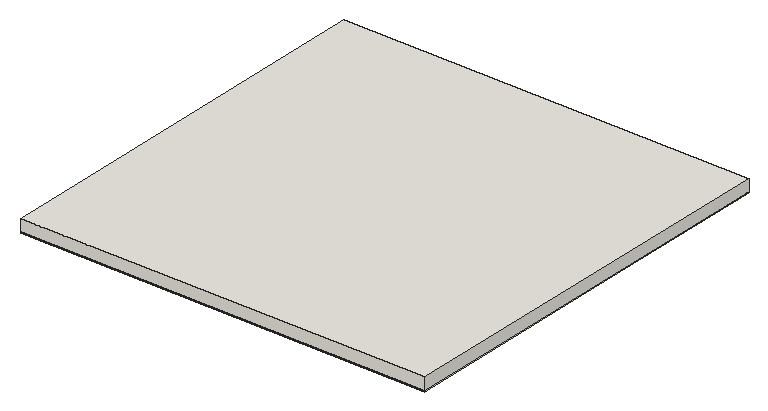
Revit family "ERA_LF_CS_SPO-6-36", category Осветительные приборы, Revit 2019 (continued)
Parameters (values of type "SPO-6-36-4K-M, LED, IP40, 595х595х19 мм (ДхШхВ), 36 Вт, 4000 К, 3060 лм, класс защиты I, в комплекте (импульсный драйвер, поликарбонат)")
  Комплект = "Импульсный драйвер, поликарбонат"
  Класс пожароопасности = "Нет"
  Класс защиты = "I"
  built-in parameter 1150138 = (empty or 0)
  built-in parameter 1150107 = 4000 (stored number, unit not read)
  built-in parameter 1150102 = (empty or 0)
  Источник света = "LED"
  Manufacturer = ""
  Геометрия изделия = "Квадратный"
  Видимая форма излучения при визуализации = no
  _УГО_Аварийный [instance] = if(УГО_Аварийный, "A", " ")  # " "
  _Корпус_Диаметр = if(ADSK_Размер_Диаметр < 1.00 mm, 1.00 mm, ADSK_Размер_Диаметр)  # 1.00 mm
  _Корпус_Высота = if(ADSK_Размер_Высота < 1.00 mm, 1.00 mm, ADSK_Размер_Высота)  # 19.00 mm
  URL = "https://www.eraworld.ru/catalog/2645122"
  ADSK_Размер_Ширина = 595.00 mm
  ADSK_Размер_Длина = 595.00 mm
  ADSK_Размер_Диаметр = 0.00 mm
  ADSK_Примечание = "Импульсный драйвер, поликарбонат"
  ADSK_Полная мощность = ADSK_Номинальная мощность / ADSK_Коэффициент мощности  # 40 VA
  ADSK_Позиция = ""
  ADSK_Номинальная мощность = 36 W
  ADSK_Напряжение = 230 V
  ADSK_Наименование краткое = "Светильник"
  ADSK_Масса = 1.2
  ADSK_Марка = "SPO-6-36-4K-M"
  ADSK_Коэффициент мощности = 0.9
  ADSK_Количество фаз = 1
  ADSK_Код изделия = ""
  ADSK_Классификация нагрузок = Освещение
  ADSK_Размер_Высота = 19.00 mm
  ADSK_Обозначение = ADSK_Марка  # "SPO-6-36-4K-M"
  ADSK_Наименование = "Светильник, LED, квадратный, потолочный, IP40, 595х595х19 мм (ДхШхВ), 36 Вт, 4000 К, 3060 лм, класс защиты I, в комплекте (импульсный драйвер, поликарбонат)"
  ADSK_Завод-изготовитель = "ЭРА"
  ADSK_Единица измерения = "шт."
Reference planes
  plane 1 "По центру (Вперед/Назад)": y = 0
  plane 2: z = 0
  plane 3 "По центру (Влево/Вправо)": x = 0
  plane 4 "ИС": z = -19
  plane 5 "H": z = 0
Dimensions and locks
  "ADSK_Размер_Высота": plane 4 "ИС" to plane 5 "H"
  aligned and locked: level to plane 2
  aligned and locked: imposter light to plane 4 "ИС"
  aligned and locked: nested 2 to plane 3 "По центру (Влево/Вправо)"
  aligned and locked: plane 1 "По центру (Вперед/Назад)" to nested 2
  aligned and locked: plane 2 to plane 5 "H"
Nested families
  nested 1: "GA_УГО" at (0, 0, 0), visible <- "УГО_Видимость", Аварийный <- "УГО_Аварийный", type "Прямоугольник", detail levels coarse+medium
    with Аварийный no, Ширина 5.95 mm, Длина 5.95 mm
  nested 2: "GM_ОП_Пр_Корпус" at (0, 0, 0) x (-1, 0, 0) z (0, 0, -1), type "GM_ОП_Пр_Корпус"
    with Рассеиватель_Высота 0.95 mm, Корпус_Ширина 595.00 mm, Корпус_Длина 595.00 mm, Корпус_Высота 19.00 mm, Кант_Ширина 29.75 mm
Connectors
  electrical at (0, 0, 0), driven by "ADSK_Коэффициент мощности", driven by "ADSK_Количество фаз", driven by "ADSK_Классификация нагрузок", driven by "ADSK_Напряжение", driven by "ADSK_Полная мощность"
    settings: index 1, voltage 230 V, apparent load 40 VA, apparent load phase1 0 VA, apparent load phase2 0 VA, apparent load phase3 0 VA, power factor 0.9, load classification "Освещение", number of poles 1, system type 30, power factor state 1, is connector primary yes, connector utility no, sub classification motor no, connector description ""
Definition of nested family "GM_ОП_Пр_Корпус"
  Parameters (values of type "GM_ОП_Пр_Корпус")
    Рассеиватель_Высота = Корпус_Высота * 0.05  # 1.15 mm
    Корпус_Ширина = 60.00 mm
    Цвет = none
    Реальный размер = no
    Default Elevation = 1000.00 mm
    Корпус_Длина = 600.00 mm
    Корпус_Высота = 23.00 mm
    Кант_Ширина = Корпус_Ширина * 0.05  # 3.00 mm
  Reference planes
    plane 1 "По центру (Вперед/Назад)": y = 0
    plane 2: z = 0
    plane 3 "По центру (Влево/Вправо)": x = 0
    plane 4 "Ш1": x = 30
    plane 5 "Ш2": x = -30
    plane 6 "Д1": y = 300
    plane 7 "Д2": y = -300
    plane 8 "В": z = 23
    plane 9 "Р": z = 21.85
  Forms (mm)
    Extrusion 1, solid, material <- "Цвет", detail levels fine
      sketch origin (0, 0, 0) x (1, 0, 0) y (0, 1, 0)
        loop
          line (30, -300) -> (30, 300) -> (-30, 300) -> (-30, -300) -> (30, -300)
      from 0 to 21.85
    Extrusion 2, solid, visible <- "Реальный размер", detail levels coarse+medium
      sketch origin (0, 0, 0) x (1, 0, 0) y (0, 1, 0)
        loop
          line (-30, 300) -> (-30, -300) -> (30, -300) -> (30, 300) -> (-30, 300)
      from 0 to 23 <- "Корпус_Высота"
  Dimensions and locks
    equal spacing: plane 5 "Ш2", plane 3 "По центру (Влево/Вправо)", plane 4 "Ш1"
    "Корпус_Ширина": plane 5 "Ш2" to plane 4 "Ш1"
    equal spacing: plane 6 "Д1", plane 1 "По центру (Вперед/Назад)", plane 7 "Д2"
    "Корпус_Длина": plane 6 "Д1" to plane 7 "Д2"
    "Корпус_Высота": plane 2 to plane 8 "В"
    "Рассеиватель_Высота": plane 9 "Р" to plane 8 "В"
    aligned and locked: level to plane 2
    aligned and locked: Extrusion 1 to plane 5 "Ш2"
    aligned and locked: Extrusion 1 to plane 4 "Ш1"
    aligned and locked: Extrusion 1 to plane 6 "Д1"
    aligned and locked: plane 7 "Д2" to Extrusion 1
    aligned and locked: plane 6 "Д1" to Extrusion 2 sketch curve
    aligned and locked: Extrusion 2 sketch curve to plane 7 "Д2"
    aligned and locked: Extrusion 2 sketch curve to plane 5 "Ш2"
    aligned and locked: Extrusion 2 sketch curve to plane 4 "Ш1"
    aligned and locked: Extrusion 1 to plane 2
    aligned and locked: Extrusion 2 to plane 2
    aligned and locked: nested 1 to plane 8 "В"
    aligned and locked: plane 3 "По центру (Влево/Вправо)" to nested 1
    aligned and locked: plane 1 "По центру (Вперед/Назад)" to nested 1
    aligned and locked: Extrusion 1 to plane 9 "Р"
  Automatic sketch dimensions
    Extrusion 1 sketch curve to plane 5 "Ш2" = 0.00 mm
    Extrusion 1 sketch curve to plane 4 "Ш1" = 0.00 mm
    plane 7 "Д2" to Extrusion 1 sketch curve = 0.00 mm
    plane 6 "Д1" to Extrusion 1 sketch curve = 0.00 mm
  Nested families
    nested 1: "GM_ОП_Пр_Рассеиватель" at (0, 0, 21.85), type "GM_ОП_Пр_Рассеиватель"
      with Корпус_Ширина 60.00 mm, Корпус_Длина 600.00 mm, Корпус_Высота 1.15 mm
  Definition of nested family "GM_ОП_Пр_Рассеиватель"
    Parameters (values of type "GM_ОП_Пр_Рассеиватель")
      Корпус_Ширина = 80.00 mm
      Цвет = none
      Default Elevation = 1000.00 mm
      Корпус_Длина = 100.00 mm
      Корпус_Высота = 1.30 mm
      Кант_Ширина = 5.00 mm
    Reference planes
      plane 1 "По центру (Вперед/Назад)": y = 0
      plane 2: z = 0
      plane 3 "По центру (Влево/Вправо)": x = 0
      plane 4 "Ш1": x = 40
      plane 5 "Ш2": x = -40
      plane 6 "Д1": y = 50
      plane 7 "Д2": y = -50
    Forms (mm)
      Extrusion 1, solid, material <- "Цвет", detail levels fine
        sketch origin (0, 0, 0) x (1, 0, 0) y (0, 1, 0)
          loop
            line (40, -50) -> (40, 50) -> (-40, 50) -> (-40, -50) -> (40, -50)
          loop
            line (-35, 45) -> (-35, -45) -> (35, -45) -> (35, 45) -> (-35, 45)
        from 0 to 1.3 <- "Корпус_Высота"
      Extrusion 2, solid, detail levels fine
        sketch origin (20, -32.684, 0) x (1, 0, 0) y (0, 1, 0)
          loop
            line (-55, 77.684) -> (-55, -12.316) -> (15, -12.316) -> (15, 77.684) -> (-55, 77.684)
        from 0 to 1.3 <- "Корпус_Высота"
    Dimensions and locks
      equal spacing: plane 5 "Ш2", plane 3 "По центру (Влево/Вправо)", plane 4 "Ш1"
      "Корпус_Ширина": plane 5 "Ш2" to plane 4 "Ш1"
      equal spacing: plane 6 "Д1", plane 1 "По центру (Вперед/Назад)", plane 7 "Д2"
      "Корпус_Длина": plane 6 "Д1" to plane 7 "Д2"
      "Кант_Ширина": plane 5 "Ш2" to Extrusion 2 sketch curve
      "Кант_Ширина": Extrusion 2 sketch curve to plane 4 "Ш1"
      "Кант_Ширина": plane 6 "Д1" to Extrusion 2 sketch curve
      "Кант_Ширина": plane 7 "Д2" to Extrusion 2 sketch curve
      aligned and locked: level to plane 2
      aligned and locked: plane 5 "Ш2" to Extrusion 1
      aligned and locked: Extrusion 1 to plane 4 "Ш1"
      aligned and locked: Extrusion 1 to plane 6 "Д1"
      aligned and locked: plane 7 "Д2" to Extrusion 1
      aligned and locked: Extrusion 1 to plane 2
      aligned and locked: Extrusion 1 sketch curve to Extrusion 2  (x4)
    Automatic sketch dimensions
      Extrusion 1 sketch curve to plane 5 "Ш2" = 0.00 mm
      Extrusion 1 sketch curve to plane 4 "Ш1" = 0.00 mm
      plane 7 "Д2" to Extrusion 1 sketch curve = 0.00 mm
      plane 6 "Д1" to Extrusion 1 sketch curve = 0.00 mm
Definition of nested family "GA_УГО"
  Parameters (values of type "Прямоугольник")
    Ширина = 10.00 mm
    Прямоугольник = yes
    Круг = no
    Длина = 10.00 mm
    Диаметр = 10.00 mm
    Аварийный [instance] = yes
  Types (3, lengths in mm): name | Прямоугольник | Круг | Аварийный
    Круг | no | yes | yes
    Прямоугольник | yes | no | yes
    Нет | no | no | no
  Reference planes
    plane 1: y = 0
    plane 2: x = 0
  Lines and regions (mm)
    detail lines, visible <- "Круг"
      curve 1: circle (0, 0, 0) r 5 normal (0, 0, 1)
    detail lines, visible <- "Прямоугольник"
      curve 2: line (-5, -5, 0) -> (5, -5, 0)
      curve 3: line (-5, 5, 0) -> (-5, -5, 0)
      curve 4: line (5, 5, 0) -> (-5, 5, 0)
      curve 5: line (5, -5, 0) -> (5, 5, 0)
  Text (mm)
    text "А" at (-0.656, 1.428, 0), visible <- "Аварийный"
  Dimensions and locks
    equal spacing: curve 3, plane 2, curve 5
    equal spacing: curve 2, plane 1, curve 4
    "Ширина": curve 3 to curve 5
    "Длина": curve 2 to curve 4
    "Диаметр": diameter of curve 1
    aligned and locked: plane 2 to curve 1
    aligned and locked: plane 1 to curve 1
Types (4, lengths in mm): name | built-in parameter 1150134 | Файл фотометрической сетки | built-in parameter 1150142 | built-in parameter 1150107 | URL | ADSK_Масса | ADSK_Марка | ADSK_Обозначение | ADSK_Наименование
  SPO-6-36-6K-P, LED, IP40, 595х595х19 мм (ДхШхВ), 36 Вт, 6500 К, 3060 лм, класс защиты I, в комплекте (импульсный драйвер, поликарбонат) | SPO-6-36-4K-M.ies | "SPO-6-36-6K-P.ies" | "IESNA:LM-63-1995\r\n[DATA] 11.11.2020\r\n[MANUFAC]??РА\r\n[LUMCAT] SPO-6-36-6K-P[4]\r\n[LUMINAIRE] Светильник\r\n[LAMP] Светодиодный модуль\r\nTILT=NONE\r\n1 3477 3.478 91 1 1 2 0.595 0.595 0.02\r\n1 1 34.452\r\n0 1 2 3 4 5 6 7 8 9 10 11 12 13 14 15 16 17 18 19 20 21 22 23 24 25 26 27 28 29 30 31 32 33 34 35 36 37 38 39 40 41 42 43 44 45 46 47 48 49 50 51 52 53 54 55 56 57 58 59 60 61 62 63 64 65 66 67 68 69 70 71 72 73 74 75 76 77 78 79 80 81 82 83 84 85 86 87 88 89 90 \r\n0\r\n365.2 365.1 364.9 364.5 364 363.4 362.7 361.8 360.8 359.7 358.4 357 355.4 353.6 351.7 349.8 347.8 345.6 343.4 341.1 338.6 336 333.3 330.4 327.4 324.3 321 317.6 314.1 310.4 306.6 302.6 298.6 294.5 290.3 286 281.6 277.2 272.6 267.9 263.1 258.2 253.3 248.2 243.1 237.9 232.6 227.2 221.6 216 210.3 204.4 198.4 192.4 186.3 180.1 173.9 167.6 161.4 155.1 148.8 142.5 136.2 129.9 123.6 117.3 111.1 104.9 98.8 92.7 86.8 80.9 75.1 69.4 63.8 58.3 53 47.8 42.8 37.9 33.3 28.8 24.6 20.6 16.9 13.5 10.4 7.5 5 1.8 0" | 6500 (stored number, unit not read) | "https://www.eraworld.ru/catalog/2644862" | 1.28 | "SPO-6-36-6K-P" | "SPO-6-36-6K-P" | "Светильник, LED, квадратный, потолочный, IP40, 595х595х19 мм (ДхШхВ), 36 Вт, 6500 К, 3060 лм, класс защиты I, в комплекте (импульсный драйвер, поликарбонат)"
  SPO-6-36-4K-P, LED, IP40, 595х595х19 мм (ДхШхВ), 36 Вт, 4000 К, 3060 лм, класс защиты I, в комплекте (импульсный драйвер, поликарбонат) | SPO-6-36-4K-M.ies | "SPO-6-36-4K-P.ies" | "IESNA:LM-63-1995\r\n[DATA] 11.11.2020\r\n[MANUFAC]??РА\r\n[LUMCAT]  SPO-6-36-4K-P\r\n[LUMINAIRE] Светильник\r\n[LAMP] Светодиодный модуль\r\nTILT=NONE\r\n1 3478 3.479 91 1 1 2 0.595 0.595 0.02\r\n1 1 34.461\r\n0 1 2 3 4 5 6 7 8 9 10 11 12 13 14 15 16 17 18 19 20 21 22 23 24 25 26 27 28 29 30 31 32 33 34 35 36 37 38 39 40 41 42 43 44 45 46 47 48 49 50 51 52 53 54 55 56 57 58 59 60 61 62 63 64 65 66 67 68 69 70 71 72 73 74 75 76 77 78 79 80 81 82 83 84 85 86 87 88 89 90 \r\n0\r\n365.2 365.1 364.9 364.5 364 363.4 362.7 361.8 360.8 359.7 358.4 357 355.4 353.6 351.7 349.8 347.8 345.6 343.4 341.1 338.6 336 333.3 330.4 327.4 324.3 321 317.6 314.1 310.4 306.6 302.6 298.6 294.5 290.3 286 281.6 277.2 272.6 267.9 263.1 258.2 253.3 248.2 243.1 237.9 232.6 227.2 221.6 216 210.3 204.4 198.4 192.4 186.3 180.1 173.9 167.6 161.4 155.1 148.8 142.5 136.2 129.9 123.6 117.3 111.1 104.9 98.8 92.7 86.8 80.9 75.1 69.4 63.8 58.3 53 47.8 42.8 37.9 33.3 28.8 24.6 20.6 16.9 13.5 10.4 7.5 5 1.8 0" | 4000 (stored number, unit not read) | "https://www.eraworld.ru/catalog/2644863" | 1.18 | "SPO-6-36-4K-P" | "SPO-6-36-4K-P" | "Светильник, LED, квадратный, потолочный, IP40, 595х595х19 мм (ДхШхВ), 36 Вт, 4000 К, 3060 лм, класс защиты I, в комплекте (импульсный драйвер, поликарбонат)"
  SPO-6-36-6K-M, LED, IP40, 595х595х19 мм (ДхШхВ), 36 Вт, 6500 К, 3060 лм, класс защиты I, в комплекте (импульсный драйвер, поликарбонат) | SPO-6-36-4K-M.ies | "SPO-6-36-6K-M.ies" | "IESNA:LM-63-1995\r\n[DATA] 11.11.2020\r\n[MANUFAC]  ЭРА\r\n[LUMCAT] SPO-6-36-6K-M[4]\r\n[LUMINAIRE] Светильник\r\n[LAMP] Светодиодный модуль\r\nTILT=NONE\r\n1 3022 3.021 91 1 1 2 0.595 0.595 0.02\r\n1 1 34.733\r\n0 1 2 3 4 5 6 7 8 9 10 11 12 13 14 15 16 17 18 19 20 21 22 23 24 25 26 27 28 29 30 31 32 33 34 35 36 37 38 39 40 41 42 43 44 45 46 47 48 49 50 51 52 53 54 55 56 57 58 59 60 61 62 63 64 65 66 67 68 69 70 71 72 73 74 75 76 77 78 79 80 81 82 83 84 85 86 87 88 89 90 \r\n0\r\n366.8 366.7 366.5 366.1 365.6 364.9 364 363 361.9 360.6 359.1 357.5 355.8 353.8 351.8 349.6 347.2 344.7 342.1 339.4 336.5 333.4 330.3 327 323.5 319.9 316.3 312.4 308.5 304.5 300.3 296.1 291.7 287.3 282.7 278.1 273.3 268.5 263.6 258.7 253.6 248.5 243.4 238.2 233 227.7 222.4 217 211.7 206.3 200.8 195.4 189.9 184.5 179 173.5 168.1 162.6 157.2 151.8 146.4 141 135.6 130.2 124.9 119.5 114.3 109 103.8 98.6 93.4 88.3 83.3 78.2 73.2 68.3 63.4 58.6 53.8 49 44.3 39.7 35.1 30.6 26.2 21.8 17.4 13.1 9 5.7 2.5" | 6500 (stored number, unit not read) | "https://www.eraworld.ru/catalog/2645121" | 1.18 | "SPO-6-36-6K-M" | "SPO-6-36-6K-M" | "Светильник, LED, квадратный, потолочный, IP40, 595х595х19 мм (ДхШхВ), 36 Вт, 6500 К, 3060 лм, класс защиты I, в комплекте (импульсный драйвер, поликарбонат)"
